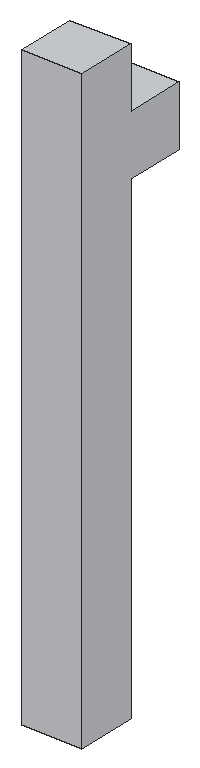
Revit family "Pilar Pre Fabricado - 1 apoio", category Structural Columns, Revit 2016
Family settings
  Section Shape = Not Defined
  Material for Model Behavior = Other
  Always export as geometry = No
  Beam cutback in plan = From bounding box
  OmniClass Number = 23.25.30.11.14.11
  OmniClass Title = Columns
  Cut with Voids When Loaded = No
  Symbolic Representation = From Family
  Shared = No
  Show family pre-cut in plan views = Yes
Parameters
  Structural Material [instance] = (empty or 0)
  Profundidade = 40 cm
  Largura = 40 cm
  Avanço horizontal do apoio = 60 cm
  Altura do apoio = 40 cm
  Altura da Viga = 40 cm
Reference planes (cm)
  plane 1 "Centro (Frente/Trás)": y = 0
  plane 2: z = 0
  plane 3 "Centro (Esquerda/Direita)": x = 0
  plane 4 "Esquerda": x = -20
  plane 5 "Direita": x = 20
  plane 6 "Posterior": y = 20
  plane 7 "Frente": y = -20
  plane 8: z = 360
  plane 9: z = 320
  plane 10: y = -60
  plane 11: y = 60
Forms (cm)
  Extrusion 1, solid
    sketch origin (20, 0, 0) x (0, -1, 0) y (0, 0, 1)
      loop
        line (20, 0) -> (20, 400) -> (-20, 400) -> (-20, 360) -> (-60, 360) -> (-60, 320) -> (-20, 320) -> (-20, 0) -> (20, 0)
    from 0 to 40
Text (cm)
  text "Desenvolvido por Fernando Goes\n\n@CaradoRevit\n\nfernandogoes@outlook.com" at (55.6527, -17.976, -73.6287), in view "Vista 1"
Dimensions and locks (cm)
  equal spacing: plane 4 "Esquerda", plane 3 "Centro (Esquerda/Direita)", plane 5 "Direita"
  equal spacing: plane 7 "Frente", plane 1 "Centro (Frente/Trás)", plane 6 "Posterior"
  "Largura": plane 4 "Esquerda" to plane 5 "Direita"
  "Profundidade": plane 7 "Frente" to plane 6 "Posterior"
  "Altura da Viga": level to plane 8
  "Altura do apoio": plane 8 to plane 9
  equal spacing: plane 10, plane 1 "Centro (Frente/Trás)", plane 11
  "Avanço horizontal do apoio": plane 1 "Centro (Frente/Trás)" to plane 11
  aligned and locked: level to plane 2
  aligned and locked: level to Extrusion 1 sketch curve
  aligned and locked: Extrusion 1 sketch curve to plane 6 "Posterior"
  aligned and locked: plane 8 to Extrusion 1 sketch curve
  aligned and locked: Extrusion 1 to plane 11  (x2)
  aligned and locked: plane 4 "Esquerda" to Extrusion 1
  aligned and locked: Extrusion 1 to plane 6 "Posterior"
  aligned and locked: plane 7 "Frente" to Extrusion 1
  aligned and locked: Extrusion 1 to plane 5 "Direita"
  aligned and locked: Extrusion 1 to level
  aligned and locked: level to Extrusion 1
Automatic sketch dimensions
  Extrusion 1 sketch curve to plane 6 "Posterior" = 40 cm
  level to Extrusion 1 sketch curve = 0 cm
  Extrusion 1 sketch curve to plane 6 "Posterior" = 0 cm
  Extrusion 1 sketch curve to plane 9 = 0 cm
  Extrusion 1 sketch curve to plane 7 "Frente" = 0 cm
